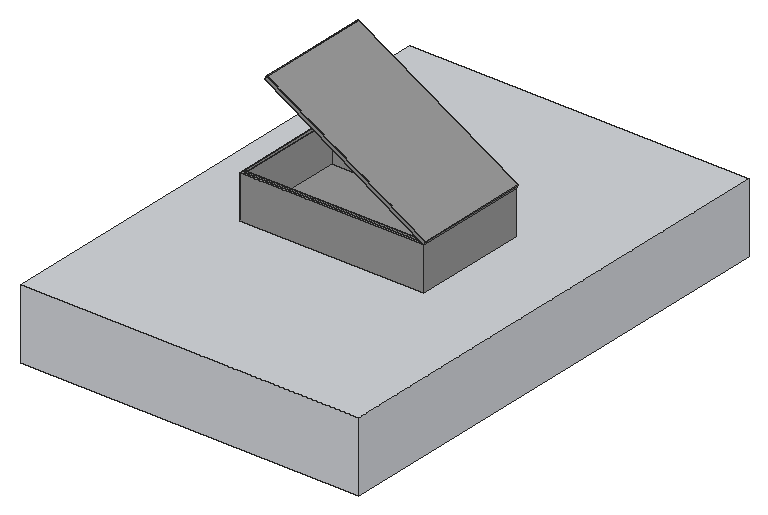
Revit family "Hager-Univers-IP54-D205-H500-Cl.II-Encl-CH-fr", category Equipement électrique, Revit 2020
Family settings
  Hôte = Face
  Configuration du panneau = Deux colonnes, circuits au sein
  Cote de connecteur circulaire = Utiliser le diamètre
  Type d'élément = Tableau de raccordement
  Couper avec des vides une fois chargée = Non
  Partagée = Non
  Point de calcul de pièce = Non
Parameters (values of type "saillie IP54 L800 H500 P205  - FP33QSW")
  Width Control [instance] = if([EF000008 - largeur] > Min Width, [EF000008 - largeur], Min Width)  # 800 mm
  Commentaires du type = [HG000003 - Gamme]  # "Univers"
  Thickness Door [instance] = if([EF009171 - épaisseur de matériau de la porte/du couvercle] > 3 mm, 3 mm, [EF009171 - épaisseur de matériau de la porte/du couvercle])  # 1 mm
  Seal Frame Offset [instance] = 17 mm  # constant formula
  Plinth Visibility [instance] = [HG000027 - Hauteur du socle] > 0 mm  # no
  Model = ""
  Min Width [instance] = 100 mm  # constant formula
  Min Height [instance] = 100 mm  # constant formula
  Min Depth [instance] = (2 * [EF009170 - épaisseur de matériau du boîtier]) + 1 mm  # 3 mm
  Internal Frame Depth [instance] = (Door System Depth * 0.5)  # 9 mm
  Height Control [instance] = if([EF000040 - hauteur] > Min Height, [EF000040 - hauteur], Min Height)  # 500 mm
  HG000027 - Hauteur du socle = 0 mm
  HG000026 - Installation au sol = no
  HG000024 - Hauteur de la section basse = 800 mm
  HG000023 - Armoire double section = no
  HG000016 - Visibilité de la porte 3D [instance] = yes
  HG000015 - Visibilité de l'emprise de la porte [instance] = no
  HG000014 - Porte à droite [instance] = yes
  HG000013 - Porte à gauche [instance] = not([HG000014 - Porte à droite])  # no
  HG000012 - Angle de pivotement de la porte [instance] = 30.00°
  HG000010 - Portes asymétriques = no
  HG000009 - Porte à double battant = no
  HG000006 - Encastré = no
  HG000004 - Référence fabricant = "FP33QSW"
  HG000003 - Gamme = "Univers"
  HG000002 - avec porte = yes
  Frame Offset Bottom [instance] = 10 mm  # constant formula
  Frame Offset [instance] = 15 mm  # constant formula
  EF015940 - couvercle avec décharge de pression = no
  EF011959 - degré de protection (NEMA) = ""
  EF009554 - nombre d'ouvertures pour plaques à bride = 6
  Fabricant = "Hager"  # constant formula
  EF009212 - finition du couvercle = "EV000116 - fermé"
  EF009171 - épaisseur de matériau de la porte/du couvercle = 1 mm
  EF009170 - épaisseur de matériau du boîtier = 1 mm
  EF008873 - courant nominal (In) = 250 A
  EF007800 - adapté à un parafoudre = no
  EF006306 - avec serrure = no
  EF006244 - couvercle/porte transparent(e) = no
  EF005474 - indice de protection (IP) = "EV006419 - IP54"
  EF004464 - type de porte = "EV002646 - unique"
  EF004427 - nombre de modules = 108
  EF004293 - indice de protection contre les chocs (IK) = "EV006815 - IK09"
  EF003532 - convient pour utilisation à l’extérieur = no
  EF002950 - largeur en nombre de modules = 36
  EF001613 - maintien de fonction = "EV000494 - sans"
  EF001596 - matériau du boîtier/corps = "EV000179 - acier"
  EF001131 - profondeur intérieure = 130 mm
  EF001088 - possibilité de montage en saillie = yes
  EF000437 - nombre d'entrées de conduit = 6
  EF000339 - type de capot = "EV001012 - couvercle"
  EF000266 - nombre de rangées = 3
  EF000218 - profondeur d'encastrement = 0 mm
  EF000118 - avec cadre/support de montage = no
  EF000116 - numéro RAL = "9010"
  EF000049 - profondeur = 205 mm
  EF000040 - hauteur = 500 mm
  EF000008 - largeur = 800 mm
  EF000007 - couleur = "EV000202 - blanc"
  EF000003 - mode de pose = "EV000384 - saillie"
  Door System Leaf Tolerance [instance] = 1.5 mm  # constant formula
  Door System Depth [instance] = 18 mm  # constant formula
  Door Height [instance] = Height Control - [HG000027 - Hauteur du socle]  # 500 mm
  Depth Control [instance] = if([EF000049 - profondeur] > Min Depth, [EF000049 - profondeur], Min Depth)  # 205 mm
  Default Elevation = 0 mm
  Connector Offset [instance] = Height Control / 2  # 250 mm
  Bottom Top Plate Trim [instance] = 1.5 mm  # constant formula
  Plinth height Ctrl [instance] = if([HG000027 - Hauteur du socle] > 0 mm, [HG000027 - Hauteur du socle], 12 mm)  # 12 mm
Types (3, lengths in mm): name | Width Control | HG000004 - Référence fabricant | EF009554 - nombre d'ouvertures pour plaques à bride | EF004427 - nombre de modules | EF002950 - largeur en nombre de modules | EF000437 - nombre d'entrées de conduit | EF000008 - largeur
  saillie IP54 L300 H500 P205  - FP31QSW | 300 | "FP31QSW" | 2 | 36 | 12 | 2 | 300
  saillie IP54 L550 H500 P205  - FP32QSW | 550 | "FP32QSW" | 4 | 72 | 24 | 4 | 550
  saillie IP54 L800 H500 P205  - FP33QSW | 800 | "FP33QSW" | 6 | 108 | 36 | 6 | 800
Reference planes
  plane 1 "Center (Front/Back)": y = 0
  plane 2: z = 0
  plane 3 "Center (Left/Right)": x = 0
  plane 4: z = 205
  plane 5: y = 1
  plane 6: y = 250
  plane 7: y = 0
  plane 8: y = 500
  plane 9: z = 0
  plane 10: x = -385
  plane 11: x = 385
  plane 12: x = 384
  plane 13: x = -384
  plane 14: y = 499
  plane 15: x = -383
  plane 16: x = -400
  plane 17: x = 383
  plane 18: x = 400
  plane 19: x = 399
  plane 20: x = -399
  plane 21: y = 11
  plane 22: y = 500
  plane 23: y = 484
  plane 24: z = 187
  plane 25: z = 1
  plane 26: z = 186
  plane 27: z = 204
Forms (mm)
  Extrusion 1, solid
    sketch origin (0, 0, 0) x (1, 0, 0) y (0, 1, 0)
      loop
        line (-702.964, 1305) -> (-702.964, -811.445) -> (766.763, -811.445) -> (766.763, 1305) -> (-702.964, 1305)
    from 0 to -304.8
  Extrusion 2, solid, material "Hager_Steel_RAL7035_Light_Grey", visible <- "Plinth Visibility", detail levels medium+fine
    sketch origin (0, 0, 0) x (1, 0, 0) y (0, 1, 0)
      loop
        line (-400, 0) -> (400, 0) -> (400, 12) -> (-400, 12) -> (-400, 0)
    from 0 to 187
  Extrusion 3, solid, material "Hager_Steel_RAL7035_Light_Grey", detail levels medium+fine
    sketch origin (0, 0, 0) x (1, 0, 0) y (0, 1, 0)
      loop
        line (-400, 0) -> (400, 0) -> (400, 500) -> (-400, 500) -> (-400, 0)
    from 0 to 187
  Extrusion 4, void
    sketch origin (0, 0, 0) x (1, 0, 0) y (0, 1, 0)
      loop
        line (-399, 1) -> (399, 1) -> (399, 499) -> (-399, 499) -> (-399, 1)
    from 1 to 186
  Extrusion 5, void
    sketch origin (-381.607, -4572, 187) x (0, -1, 0) y (-1, 0, 0)
      loop
        line (-4583, 2.393) -> (-5056, 2.393) -> (-5056, -765.607) -> (-4583, -765.607) -> (-4583, 2.393)
    from 0 to 1 <- "EF009170 - épaisseur de matériau du boîtier"
  Extrusion 6, solid, material "Hager_Steel_RAL7035_Light_Grey", detail levels fine
    sketch origin (0, 0, 187) x (1, 0, 0) y (0, 1, 0)
      loop
        line (-384, 484) -> (-384, 11) -> (384, 11) -> (384, 484) -> (-384, 484)
      loop
        line (-385, 10) -> (385, 10) -> (385, 485) -> (-385, 485) -> (-385, 10)
    from 0 to 9 <- "Internal Frame Depth"
  Extrusion 7, solid, material "Hager_Steel_RAL7035_Light_Grey", detail levels coarse
    sketch origin (0, 0, 0) x (1, 0, 0) y (0, 1, 0)
      loop
        line (-400, 0) -> (400, 0) -> (400, 500) -> (-400, 500) -> (-400, 0)
    from 0 to 205
  Sweep 8, void
    path in 3D
      loop
        line (-400, 12, 0) -> (400, 12, 0) -> (400, 12, 187) -> (-400, 12, 187) -> (-400, 12, 0)
    profile origin (-400, 12, 93.5) x (-1, 0, 0) y (0, -1, 0)
      loop
        line (0, 0) -> (0, 1.5) -> (-1.5, 1.5)
        arc (-1.5, 1.5) -> (-1.061, 0.439) -> (0, 0) r 1.5
Cuts and joins
  Extrusion 4, Extrusion 5 cuts Extrusion 3
  Sweep 8 cuts Extrusion 2
Lines and regions (mm)
  Masking region 1
    outline origin (0, 0, 0) x (1, 0, 0) y (0, 0, 1)
      loop
        line (-400, 205) -> (-400, 0) -> (400, 0) -> (400, 205) -> (-400, 205)
  Masking region 2, detail levels medium+fine
    outline origin (0, 140, 0) x (0, 1, 0) y (0, 0, 1)
      loop
        line (-140, 0) -> (360, 0) -> (360, 187) -> (-140, 187) -> (-140, 0)
  Masking region 3, not visible, detail levels medium+fine
    outline origin (0, 297.922, 0) x (0, 1, 0) y (0, 0, 1)
      loop
        line (-36.422, 0) -> (3.578, 0) -> (3.578, 194)
        arc (3.578, 194) -> (0.649, 201.071) -> (-6.422, 204) r 10
        line (-6.422, 204) -> (-36.422, 204) -> (-36.422, 0)
  Masking region 4, detail levels coarse
    outline origin (0, 0, 180) x (0, 1, 0) y (0, 0, 1)
      loop
        line (0, -180) -> (500, -180) -> (500, 25) -> (0, 25) -> (0, -180)
  Masking region 5, visible <- "Plinth Visibility", detail levels medium+fine
    outline origin (0, 52.24, 12.345) x (0, 0, -1) y (0, 1, 0)
      loop
        line (10.845, -40.24) -> (-173.155, -40.24)
        arc (-173.155, -40.24) -> (-173.594, -41.301) -> (-174.655, -41.74) r 1.5
        line (-174.655, -41.74) -> (-174.655, -52.24) -> (12.345, -52.24) -> (12.345, -41.74)
        arc (12.345, -41.74) -> (11.285, -41.301) -> (10.845, -40.24) r 1.5
  Masking region 6, detail levels medium+fine
    outline origin (-381.607, -4572, 187) x (-1, 0, 0) y (0, -1, 0)
      loop
        line (18.393, -5072) -> (18.393, -4572) -> (-781.607, -4572) -> (-781.607, -5072) -> (18.393, -5072)
  Masking region 7, visible <- "Plinth Visibility", detail levels medium+fine
    outline origin (-381.607, -4727, 187) x (-1, 0, 0) y (0, -1, 0)
      loop
        arc (16.893, -4739) -> (17.332, -4737.939) -> (18.393, -4737.5) r 1.5
        line (18.393, -4737.5) -> (18.393, -4727) -> (-781.607, -4727) -> (-781.607, -4737.5)
        arc (-781.607, -4737.5) -> (-780.546, -4737.939) -> (-780.107, -4739) r 1.5
        line (-780.107, -4739) -> (16.893, -4739)
  Masking region 8, detail levels coarse
    outline origin (-442.548, -4669.526, 187) x (-1, 0, 0) y (0, -1, 0)
      loop
        line (-42.548, -5169.526) -> (-42.548, -4669.526) -> (-842.548, -4669.526) -> (-842.548, -5169.526) -> (-42.548, -5169.526)
  sketch lines
    curve 1: line (-400, 12, 187) -> (-400, 12, 0)
    curve 2: line (400, 12, 187) -> (-400, 12, 187)
    curve 3: line (400, 12, 187) -> (400, 12, 0)
    curve 4: line (-400, 12, 0) -> (400, 12, 0)
Dimensions and locks
  "Depth Control": plane 4 to Extrusion 1
  "HG000027 - Hauteur du socle": plane 1 "Center (Front/Back)" to plane 7
  "EF009170 - épaisseur de matériau du boîtier": plane 5 to plane 7
  locked: connector elem to plane 3 "Center (Left/Right)"
  equal spacing: plane 8, plane 6, plane 7
  locked: connector elem to plane 6
  "EF009170 - épaisseur de matériau du boîtier": plane 8 to plane 14
  "EF009170 - épaisseur de matériau du boîtier": plane 10 to plane 13
  "EF009170 - épaisseur de matériau du boîtier": plane 12 to plane 11
  "Frame Offset": plane 20 to plane 13
  "Frame Offset": plane 12 to plane 19
  "EF009170 - épaisseur de matériau du boîtier": plane 16 to plane 20
  "EF009170 - épaisseur de matériau du boîtier": plane 19 to plane 18
  "Seal Frame Offset": plane 16 to plane 15
  "Seal Frame Offset": plane 17 to plane 18
  "Frame Offset Bottom": plane 21 to plane 5
  "Frame Offset": plane 14 to plane 23
  equal spacing: plane 16, plane 3 "Center (Left/Right)", plane 18
  "Width Control": plane 16 to plane 18
  "EF009170 - épaisseur de matériau du boîtier": plane 4 to plane 27
  "EF009170 - épaisseur de matériau du boîtier": plane 24 to plane 26
  "EF009170 - épaisseur de matériau du boîtier": plane 25 to level
  "Door System Depth": plane 4 to plane 24
  "Height Control": plane 1 "Center (Front/Back)" to Extrusion 7 sketch curve
  "Height Control": Masking region 4 sketch curve to plane 1 "Center (Front/Back)"
  "Height Control": plane 1 "Center (Front/Back)" to plane 22
  "Bottom Top Plate Trim": profile plane to Sweep 8 sketch curve
  "Bottom Top Plate Trim": Sweep 8 sketch curve to profile plane
  "Plinth height Ctrl": plane 1 "Center (Front/Back)" to Extrusion 2 sketch curve
  "Plinth height Ctrl": Masking region 5 sketch curve to plane 1 "Center (Front/Back)"
  "Plinth height Ctrl": plane 1 "Center (Front/Back)" to Masking region 7 sketch curve
  "Thickness Door": Extrusion 6 sketch curve to Extrusion 6 sketch curve  (x3)
  "Thickness Door": cut or joined group of Extrusion 3, Extrusion 4, Extrusion 5 to Extrusion 6 sketch curve
  radius of Masking region 3 sketch curve = 10 mm
  "Bottom Top Plate Trim": radius of Masking region 5 sketch curve  (x2)
  "Bottom Top Plate Trim": radius of Sweep 8 sketch curve
  "Bottom Top Plate Trim": radius of Masking region 7 sketch curve  (x2)
  aligned and locked: plane 2 to Extrusion 1
  aligned and locked: level to Extrusion 1
  aligned and locked: level to Masking region 1 sketch curve
  aligned and locked: Masking region 1 sketch curve to plane 18
  aligned and locked: Masking region 1 sketch curve to plane 16
  aligned and locked: plane 7 to Masking region 2 sketch curve
  aligned and locked: level to Masking region 3 sketch curve
  aligned and locked: Masking region 3 sketch curve to plane 27
  aligned and locked: level to Masking region 2 sketch curve
  aligned and locked: plane 1 "Center (Front/Back)" to Extrusion 2 sketch curve
  aligned and locked: Extrusion 3 sketch curve to plane 7
  aligned and locked: plane 16 to Extrusion 3 sketch curve
  aligned and locked: plane 18 to Extrusion 3 sketch curve
  aligned and locked: plane 20 to Extrusion 4 sketch curve
  aligned and locked: plane 19 to Extrusion 4 sketch curve
  aligned and locked: Extrusion 4 sketch curve to plane 5
  aligned and locked: Extrusion 4 to plane 25
  aligned and locked: plane 26 to Extrusion 4
  aligned and locked: plane 24 to Extrusion 3
  aligned and locked: Extrusion 5 sketch curve to plane 21
  aligned and locked: Extrusion 5 sketch curve to plane 13
  aligned and locked: Extrusion 5 sketch curve to plane 12
  aligned and locked: plane 18 to Extrusion 7 sketch curve
  aligned and locked: plane 1 "Center (Front/Back)" to Extrusion 7 sketch curve
  aligned and locked: plane 16 to Extrusion 7 sketch curve
  aligned and locked: plane 4 to Extrusion 7
  aligned and locked: Extrusion 7 to level
  aligned and locked: level to Masking region 4 sketch curve
  aligned and locked: Masking region 4 sketch curve to plane 1 "Center (Front/Back)"
  aligned and locked: Masking region 4 sketch curve to plane 4
  aligned and locked: nested 1 to level
  aligned and locked: nested 1 to plane 16
  aligned and locked: plane 8 to Extrusion 3 sketch curve
  aligned and locked: plane 23 to Extrusion 5 sketch curve
  aligned and locked: plane 14 to Extrusion 4 sketch curve
  aligned and locked: Masking region 2 sketch curve to plane 8
  aligned and locked: level to Masking region 5 sketch curve
  aligned and locked: plane 16 to Extrusion 2 sketch curve
  aligned and locked: plane 18 to Extrusion 2 sketch curve
  aligned and locked: Masking region 5 sketch curve to plane 24
  aligned and locked: Masking region 2 sketch curve to plane 24
  aligned and locked: plane 24 to Extrusion 2
  aligned and locked: profile plane to Sweep 8 sketch curve  (x2)
  aligned and locked: Masking region 6 sketch curve to plane 18
  aligned and locked: Masking region 6 sketch curve to plane 22
  aligned and locked: Masking region 6 sketch curve to plane 16
  aligned and locked: plane 8 to plane 22
  aligned and locked: Masking region 6 sketch curve to plane 7
  aligned and locked: Masking region 7 sketch curve to plane 16
  aligned and locked: Masking region 7 sketch curve to plane 1 "Center (Front/Back)"
  aligned and locked: Masking region 7 sketch curve to plane 18
  aligned and locked: Masking region 8 sketch curve to plane 1 "Center (Front/Back)"
  aligned and locked: Masking region 8 sketch curve to plane 18
  aligned and locked: Masking region 8 sketch curve to plane 22
  aligned and locked: Masking region 8 sketch curve to plane 16
  aligned and locked: nested 2 to plane 7
  aligned and locked: plane 3 "Center (Left/Right)" to nested 2
  aligned and locked: nested 2 to plane 24
  aligned and locked: Extrusion 6 sketch curve to cut or joined group of Extrusion 3, Extrusion 4, Extrusion 5  (x4)
Automatic sketch dimensions
  Extrusion 1 sketch curve to Extrusion 1 sketch curve = 1469.727 mm
  Extrusion 1 sketch curve to Extrusion 1 sketch curve = 2116.445 mm
  Masking region 1 sketch curve to plane 4 = 0 mm
  plane 6 to Masking region 3 sketch curve = 11.5 mm
  Masking region 3 sketch curve to Masking region 3 sketch curve = 30 mm
  Masking region 5 sketch curve to plane 1 "Center (Front/Back)" = 0 mm
Nested families
  nested 1: "Hager_Enclosure_Symbol" at (-400, 0, 0) x (1, 0, 0) z (0, -1, 0), Height <- "Depth Control", Width <- "Width Control", type "Hager_Enclosure_Symbol"
    with Width_Ctrl 800 mm, Width 800 mm, Height_Ctrl 205 mm, Height 205 mm, A_Width_Int 13.453 mm, A_Width 161.438 mm, A_Height_Ctrl 179.375 mm, A_Height 179.375 mm
  nested 2: "EC000058_Univers_Door" at (0, 0, 187) x (1, 0, 0) z (0, 1, 0), Leaf_Tolerance <- "Door System Leaf Tolerance", Angle <- "HG000012 - Angle de pivotement de la porte", Door_Depth <- "Door System Depth", Door_Left <- "HG000013 - Porte à gauche", Transparent <- "EF006244 - couvercle/porte transparent(e)", Assymetrical <- "HG000010 - Portes asymétriques", Width <- "Width Control", Clearance <- "HG000015 - Visibilité de l'emprise de la porte", Double <- "HG000009 - Porte à double battant", 3d_Door <- "HG000016 - Visibilité de la porte 3D", Lock_Visibility <- "EF006306 - avec serrure", Width_Ctrl <- "Width Control", Door_Right <- "HG000014 - Porte à droite", Door <- "HG000002 - avec porte", Height <- "Door Height", Thickness <- "Thickness Door", type "EC000058_Univers_Door", detail levels medium+fine
    with min_wh 3 mm, Width_Ctrl 800 mm, Width 800 mm, Transparent no, Thickness 1 mm, Seal_Material Hager_Rubber, Lock_Visibility no, Lock_Material Hager_Plastic_RAL9005_Jet_Black, Leaf_Width 800 mm, Leaf_Tolerance_External_Sides 0 mm, Leaf_Tolerance 1.5 mm, Leaf_Offset 0 mm, Leaf_Height 497 mm, Leaf_2_Width 800 mm, Leaf_2_Offset 400 mm, Leaf_1_Width 800 mm, Leaf_1_Offset 400 mm, Height_Ctrl 500 mm, Height 500 mm, Glass_Material Hager_Glass, Double_Clearance_Ctrl no, Double no, Door_Right_Ctrl yes, Door_Right yes, Door_Material Hager_Steel_RAL7035_Light_Grey, Door_Left_Ctrl no, Door_Left no, Door_Depth 18 mm, Door yes, Clearance_Material Hager_Clearance, Clearance_Depth 800 mm, Clearance_Ctrl no, Clearance no, Assymetrical no, Angle 30.00°, 3d_Door yes
Connectors
  electrical at (0, 250, 0)
    settings: on plane 9, index 1, voltage 0 V, apparent load 0 VA, apparent load phase1 0 VA, apparent load phase2 0 VA, apparent load phase3 0 VA, power factor 1, load classification "Other", number of poles 1, system type 30, power factor state 1, is connector primary yes, connector utility no, sub classification motor no, connector description ""
Definition of nested family "EC000058_Univers_Door"
  Parameters (values of type "EC000058_Univers_Door")
    min_wh [instance] = (2 * Thickness) + 1 mm  # 11 mm
    Width_Ctrl [instance] = 400 mm
    Width [instance] = 500 mm
    Transparent [instance] = yes
    Thickness [instance] = 5 mm
    Seal_Material [instance] = none
    Lock_Visibility [instance] = yes
    Lock_Material [instance] = none
    Leaf_Width [instance] = if((Width_Ctrl - 2 * Leaf_Tolerance_External_Sides) > 0 mm, (Width_Ctrl - 2 * Leaf_Tolerance_External_Sides), min_wh)  # 400 mm
    Leaf_Tolerance_External_Sides [instance] = 0 mm  # constant formula
    Leaf_Tolerance [instance] = 1.5 mm
    Leaf_Offset [instance] = 0 mm  # constant formula
    Leaf_Height [instance] = if((Height_Ctrl - 2 * Leaf_Tolerance) > 0 mm, (Height_Ctrl - 2 * Leaf_Tolerance), min_wh)  # 497 mm
    Leaf_2_Width [instance] = if(and(and(Double, Assymetrical), Door_Left), (Leaf_Width / 3) - (Leaf_Tolerance / 2), if(and(and(Double, Assymetrical), Door_Right), (Leaf_Width / 3) * 2 - (Leaf_Tolerance / 2), if(and(Double, not(Assymetrical)), (Leaf_Width / 2) - Leaf_Tolerance, Leaf_Width)))  # 400 mm
    Leaf_2_Offset [instance] = if(and(Double, Assymetrical), Leaf_2_Width / 2, if(and(Double, not(Assymetrical)), Leaf_Width / 4, Leaf_Width / 2))  # 200 mm
    Leaf_1_Width [instance] = if(and(and(Double, Assymetrical), Door_Right), (Leaf_Width / 3) - (Leaf_Tolerance / 2), if(and(and(Double, Assymetrical), Door_Left), (Width / 3) * 2 - (Leaf_Tolerance / 2), if(and(Double, not(Assymetrical)), (Leaf_Width / 2) - Leaf_Tolerance, Leaf_Width)))  # 400 mm
    Leaf_1_Offset [instance] = if(and(Double, Assymetrical), Leaf_1_Width / 2, if(and(Double, not(Assymetrical)), Leaf_Width / 4, Leaf_Width / 2))  # 200 mm
    Height_Ctrl [instance] = if(Height > min_wh, Height, min_wh)  # 500 mm
    Height [instance] = 500 mm
    Glass_Material [instance] = none
    Double_Clearance_Ctrl [instance] = and(Double, Clearance)  # no
    Double [instance] = no
    Door_Right_Ctrl [instance] = and(or(Door_Right, Double), Door)  # yes
    Door_Right [instance] = yes
    Door_Material [instance] = none
    Door_Left_Ctrl [instance] = and(or(Door_Left, Double), Door)  # no
    Door_Left [instance] = no
    Door_Depth [instance] = 30 mm
    Door [instance] = yes
    Default Elevation = 1219.2 mm
    Clearance_Material [instance] = none
    Clearance_Depth [instance] = if(Leaf_1_Width > Leaf_2_Width, Leaf_1_Width, Leaf_2_Width)  # 400 mm
    Clearance_Ctrl [instance] = and(not(Double), Clearance)  # yes
    Clearance [instance] = yes
    Assymetrical [instance] = yes
    Angle [instance] = 30.00°
    3d_Door [instance] = yes
  Reference planes
    plane 1 "Center (Front/Back)": y = 0
    plane 2 "Bottom": z = 0
    plane 3 "Center (Left/Right)": x = 0
    plane 4: z = 500
    plane 5: x = -200
    plane 6: x = 200
    plane 7: z = 500
    plane 8: x = -200
    plane 9: z = 0
    plane 10: x = 200
    plane 11: y = 0
    plane 12: z = 1.5
    plane 13: x = -600
    plane 14: y = -400
    plane 15: x = 600
    plane 16: x = 0
    plane 17: x = 0
    plane 18: x = -200
    plane 19: x = 200
    plane 20: z = 498.5
  Forms (mm)
    Extrusion 1, solid, material <- "Clearance_Material", visible <- "Double_Clearance_Ctrl"
      sketch origin (1200, 0, 0) x (1, 0, 0) y (0, 0, -1)
        loop
          line (-1800, -498.5) -> (-600, -498.5) -> (-600, 0) -> (-1800, 0) -> (-1800, -498.5)
      from 0 to -400
  Dimensions and locks
    equal spacing: plane 5, plane 3 "Center (Left/Right)", plane 6
    "Width_Ctrl": plane 5 to plane 6
    "Leaf_Offset": plane 5 to plane 8
    "Leaf_Offset": plane 6 to plane 10
    "Leaf_Offset": plane 9 to level
    "Leaf_Offset": plane 4 to plane 7
    "Height_Ctrl": plane 4 to level
    "Leaf_Tolerance": plane 12 to plane 9
    locked: plane 11 to plane 1 "Center (Front/Back)"
    "Leaf_1_Offset": plane 18 to plane 16
    "Leaf_2_Offset": plane 17 to plane 19
    "Leaf_1_Width": plane 13 to plane 8
    "Leaf_2_Width": plane 10 to plane 15
    "Clearance_Depth": plane 14 to plane 1 "Center (Front/Back)"
    "Leaf_Tolerance_External_Sides": plane 8 to plane 18
    "Leaf_Tolerance_External_Sides": plane 19 to plane 10
    "Leaf_Tolerance": plane 7 to plane 20
    aligned and locked: level to plane 2 "Bottom"
    aligned and locked: nested 1 to plane 16
    aligned and locked: nested 2 to plane 17
    aligned and locked: Extrusion 1 to plane 13
    aligned and locked: plane 15 to Extrusion 1
    aligned and locked: Extrusion 1 to plane 14
    aligned and locked: plane 12 to nested 1
    aligned and locked: nested 2 to plane 12
    aligned and locked: Extrusion 1 to plane 11
    aligned and locked: plane 20 to Extrusion 1
    aligned and locked: nested 2 to plane 11
    aligned and locked: nested 1 to plane 11
  Automatic sketch dimensions
    Extrusion 1 sketch curve to level = 0 mm
    plane 5 to Extrusion 1 sketch curve = 400 mm
    plane 6 to Extrusion 1 sketch curve = 400 mm
    Extrusion 1 sketch curve to plane 4 = 1.5 mm
  Nested families
    nested 1: "EC000058_Univers_Door_Leaf" at (0, 0, 1.5), Width <- "Leaf_1_Width", visible <- "Door_Left_Ctrl", Leaf_Height <- "Leaf_Height", Angle <- "Angle", 3d_Door <- "3d_Door", Transparent <- "Transparent", Clearance Material <- "Clearance_Material", Clearance <- "Clearance_Ctrl", Door_Material <- "Door_Material", Glass_Material <- "Glass_Material", Door_Depth <- "Door_Depth", Lock_Material <- "Lock_Material", Seal_Material <- "Seal_Material", Lock_Visibility <- "Lock_Visibility", Thickness <- "Thickness", type "EC000058_Univers_Door_Leaf"
      with Width 400 mm, Transparent_Glass_Offset 30 mm, Transparent_Ctrl yes, Transparent yes, Thickness 5 mm, Standard no, Seal_Material none, Seal_D2 8 mm, Seal_D1 1 mm, Offset_Internal_Frame 10 mm, Lock_Width 20 mm, Lock_Visibility_3d yes, Lock_Visibility yes, Lock_Thickness_3 3 mm, Lock_Thickness_2 1 mm, Lock_Thickness_1 3 mm, Lock_Radius_Offset_2 16 mm, Lock_Radius_Offset_1 15 mm, Lock_Radius_2 5 mm, Lock_Radius 6 mm, Lock_Offset 5 mm, Lock_Material none, Lock_Height 80 mm, Lock_Cover_Top_Offset_2d 17 mm, Lock_Cover_Height -65 mm, Leaf_Height 497 mm, Internal_Seal_Thickness 8 mm, Internal_Seal_Depth_2 4.5 mm, Internal_Frame_Depth 25 mm, Glass_Thickness -1 mm, Glass_Offset -2 mm, Glass_Material none, Door_Material none, Door_Depth 30 mm, Clearance Material none, Clearance yes, Angle_Ctrl 30.00°, Angle 30.00°, 3d_Door yes
    nested 2: "EC000058_Univers_Door_Leaf" at (0, 0, 1.5) x (-1, 0, 0) z (0, 0, 1), Width <- "Leaf_2_Width", visible <- "Door_Right_Ctrl", Leaf_Height <- "Leaf_Height", Angle <- "Angle", 3d_Door <- "3d_Door", Transparent <- "Transparent", Clearance Material <- "Clearance_Material", Clearance <- "Clearance_Ctrl", Door_Material <- "Door_Material", Glass_Material <- "Glass_Material", Door_Depth <- "Door_Depth", Lock_Material <- "Lock_Material", Seal_Material <- "Seal_Material", Lock_Visibility <- "Lock_Visibility", Thickness <- "Thickness", type "EC000058_Univers_Door_Leaf"
      with Width 400 mm, Transparent_Glass_Offset 30 mm, Transparent_Ctrl yes, Transparent yes, Thickness 5 mm, Standard no, Seal_Material none, Seal_D2 8 mm, Seal_D1 1 mm, Offset_Internal_Frame 10 mm, Lock_Width 20 mm, Lock_Visibility_3d yes, Lock_Visibility yes, Lock_Thickness_3 3 mm, Lock_Thickness_2 1 mm, Lock_Thickness_1 3 mm, Lock_Radius_Offset_2 16 mm, Lock_Radius_Offset_1 15 mm, Lock_Radius_2 5 mm, Lock_Radius 6 mm, Lock_Offset 5 mm, Lock_Material none, Lock_Height 80 mm, Lock_Cover_Top_Offset_2d 17 mm, Lock_Cover_Height -65 mm, Leaf_Height 497 mm, Internal_Seal_Thickness 8 mm, Internal_Seal_Depth_2 4.5 mm, Internal_Frame_Depth 25 mm, Glass_Thickness -1 mm, Glass_Offset -2 mm, Glass_Material none, Door_Material none, Door_Depth 30 mm, Clearance Material none, Clearance yes, Angle_Ctrl 30.00°, Angle 30.00°, 3d_Door yes
  Definition of nested family "EC000058_Univers_Door_Leaf"
    Parameters (values of type "EC000058_Univers_Door_Leaf")
      Width [instance] = 2000 mm
      Transparent_Glass_Offset [instance] = 30 mm
      Transparent_Ctrl [instance] = and(Transparent, [3d_Door])  # yes
      Transparent [instance] = yes
      Thickness [instance] = 5 mm
      Standard [instance] = and(not(Transparent), [3d_Door])  # no
      Seal_Material [instance] = none
      Seal_D2 [instance] = 8 mm  # constant formula
      Seal_D1 [instance] = 1 mm  # constant formula
      Offset_Internal_Frame [instance] = 10 mm  # constant formula
      Lock_Width [instance] = 20 mm  # constant formula
      Lock_Visibility_3d [instance] = and(Lock_Visibility, [3d_Door])  # yes
      Lock_Visibility [instance] = yes
      Lock_Thickness_3 [instance] = 3 mm  # constant formula
      Lock_Thickness_2 [instance] = 1 mm  # constant formula
      Lock_Thickness_1 [instance] = 3 mm  # constant formula
      Lock_Radius_Offset_2 [instance] = Lock_Radius_Offset_1 + 1 mm  # 16 mm
      Lock_Radius_Offset_1 [instance] = 15 mm  # constant formula
      Lock_Radius_2 [instance] = Lock_Radius - 1 mm  # 5 mm
      Lock_Radius [instance] = 6 mm  # constant formula
      Lock_Offset [instance] = 5 mm  # constant formula
      Lock_Material [instance] = none
      Lock_Height [instance] = 80 mm  # constant formula
      Lock_Cover_Top_Offset_2d [instance] = Lock_Radius_Offset_2 + 1 mm  # 17 mm
      Lock_Cover_Height [instance] = -(Lock_Height - Lock_Radius_Offset_1)  # -65 mm
      Leaf_Height [instance] = 2720.336 mm
      Internal_Seal_Thickness [instance] = 8 mm  # constant formula
      Internal_Seal_Depth_2 [instance] = 4.5 mm  # constant formula
      Internal_Frame_Depth [instance] = if(Door_Depth - Thickness > 5 mm, Door_Depth - Thickness, 5 mm)  # 25 mm
      Glass_Thickness [instance] = if(Thickness > 15 mm, Glass_Offset + 10 mm, -1 mm)  # -1 mm
      Glass_Offset [instance] = if(Thickness > 15 mm, -(Thickness + 10 mm) / 2, -2 mm)  # -2 mm
      Glass_Material [instance] = none
      Door_Material [instance] = none
      Door_Depth [instance] = 30 mm
      Default Elevation = 0 mm
      Clearance Material [instance] = none
      Clearance [instance] = yes
      Angle_Ctrl [instance] = if(Angle > 180.00°, 180.00°, Angle)  # 90.00°
      Angle [instance] = 90.00°
      3d_Door [instance] = yes
    Reference planes
      plane 1 "Center (Front/Back)": y = 0
      plane 2: z = 0
      plane 3 "Center (Left/Right)": x = 0
      plane 4: y = 2000
      plane 5: x = -1000
      plane 6: x = 1000
      plane 7: x = -3000
      plane 8: z = 2720.336
      plane 9: z = 30
      plane 10: z = 2690.336
      plane 11: x = 970
      plane 12: x = -970
      plane 13: y = -3
      plane 14: z = 107.833
      plane 15: y = -5
      plane 16: y = -223.314
      plane 17: x = -1000
      plane 18: z = 1360.168
      plane 19: y = 30
    Forms (mm)
      Extrusion 1, solid, material <- "Clearance Material", visible <- "Clearance"
        sketch origin (0, 0, 0) x (1, 0, 0) y (0, 0, 1)
          loop
            line (-3000, 2720.336) -> (-3000, 0) -> (1000, 0) -> (1000, 2720.336) -> (-3000, 2720.336)
        from 0 to -2000
      Extrusion 2, solid, material <- "Door_Material", visible <- "Standard", detail levels medium+fine
        sketch origin (-1000, 0, 0) x (0, 1, 0) y (-1, 0, 0)
          loop
            line (0, 30) -> (0, 25) -> (2000, 25) -> (2000, 30) -> (0, 30)
        from 0 to 2720.336 <- "Leaf_Height"
      Extrusion 3, solid, material <- "Door_Material", visible <- "Transparent_Ctrl", detail levels medium+fine
        sketch origin (-1000, 0, 0) x (0, 1, 0) y (-1, 0, 0)
          loop
            line (0, 25) -> (2000, 25) -> (2000, 30) -> (0, 30) -> (0, 25)
        from 0 to 2720.336 <- "Leaf_Height"
      Extrusion 4, void
        sketch origin (-1025, 2000, 0) x (0, 1, 0) y (0, 0, -1)
          loop
            line (-30, -2690.336) -> (-30, -30) -> (-1970, -30) -> (-1970, -2690.336) -> (-30, -2690.336)
        from 0 to 5 <- "Thickness"
      Sweep 5, solid, material <- "Seal_Material", visible <- "Transparent_Ctrl", detail levels fine
        path in 3D
          loop
            line (-1025, 30, 30) -> (-1025, 30, 2690.336) -> (-1025, 1970, 2690.336) -> (-1025, 1970, 30) -> (-1025, 30, 30)
        profile origin (-1025, 1000, 30) x (1, 0, 0) y (0, 0, 1)
          loop
            line (0, 0) -> (0, -8) -> (1, -8) -> (1, 0) -> (0, 0)
      Extrusion 6, solid, material <- "Glass_Material", visible <- "Transparent_Ctrl", detail levels medium+fine
        sketch origin (-1030, 0, 0) x (0, 1, 0) y (0, 0, -1)
          loop
            line (1970, -2690.336) -> (1970, -30) -> (30, -30) -> (30, -2690.336) -> (1970, -2690.336)
        from -2 <- "Glass_Offset" to -1 <- "Glass_Thickness"
      Extrusion 7, solid, material <- "Door_Material", visible <- "3d_Door", detail levels medium+fine
        sketch origin (-1025, 2000, 0) x (0, -1, 0) y (0, 0, -1)
          loop
            line (0, -2720.336) -> (2000, -2720.336) -> (2000, 0) -> (0, 0) -> (0, -2720.336)
          loop
            line (1995, -5) -> (5, -5) -> (5, -2715.336) -> (1995, -2715.336) -> (1995, -5)
        from 0 to 25 <- "Internal_Frame_Depth"
      Sweep 8, solid, material <- "Seal_Material", visible <- "Transparent_Ctrl", detail levels fine
        path in 3D
          loop
            line (-1025, 0, 0) -> (-1025, 2000, 0) -> (-1025, 2000, 2720.336) -> (-1025, 0, 2720.336) -> (-1025, 0, 0)
        profile origin (-1025, 0, 1360.168) x (1, 0, 0) y (0, 1, 0)
          loop
            line (0, 10) -> (2.975, 10)
            arc (2.975, 10) -> (4.053, 10.447) -> (4.5, 11.525) r 1.525
            line (4.5, 11.525) -> (4.5, 16.527)
            arc (4.5, 16.527) -> (4.069, 17.569) -> (3.027, 18) r 1.473
            line (3.027, 18) -> (0, 18) -> (0, 10)
      Extrusion 9, solid, material <- "Lock_Material", visible <- "Lock_Visibility_3d", detail levels fine
        sketch origin (-1030, 0, 0) x (0, 1, 0) y (0, 0, -1)
          loop
            arc (1993.5, -1400.168) -> (1994.561, -1399.729) -> (1995, -1398.668) r 1.5
            line (1995, -1398.668) -> (1995, -1320.168) -> (1975, -1320.168) -> (1975, -1398.668)
            arc (1975, -1398.668) -> (1975.439, -1399.729) -> (1976.5, -1400.168) r 1.5
            line (1976.5, -1400.168) -> (1993.5, -1400.168)
        from 3 <- "Lock_Thickness_1" to 0
      Blend 10, solid, material <- "Lock_Material", visible <- "Lock_Visibility_3d", detail levels fine
        base sketch origin (-1033, 0, 0) x (0, 1, 0) y (0, 0, -1)
          loop
            line (1975, -1320.168) -> (1975, -1398.668)
            arc (1975, -1398.668) -> (1975.439, -1399.729) -> (1976.5, -1400.168) r 1.5
            line (1976.5, -1400.168) -> (1993.5, -1400.168)
            arc (1993.5, -1400.168) -> (1994.561, -1399.729) -> (1995, -1398.668) r 1.5
            line (1995, -1398.668) -> (1995, -1320.168) -> (1975, -1320.168)
        top sketch origin (-1033, 0, 0) x (0, 1, 0) y (0, 0, -1)
          loop
            line (1976, -1320.168) -> (1976, -1398.668)
            arc (1976, -1398.668) -> (1976.146, -1399.022) -> (1976.5, -1399.168) r 0.5
            line (1976.5, -1399.168) -> (1993.5, -1399.168)
            arc (1993.5, -1399.168) -> (1993.854, -1399.022) -> (1994, -1398.668) r 0.5
            line (1994, -1398.668) -> (1994, -1320.168) -> (1976, -1320.168)
        from 0 to 1 <- "Lock_Thickness_2"
      Blend 11, solid, material <- "Lock_Material", visible <- "Lock_Visibility_3d", detail levels fine
        base sketch origin (-1034, 0, 0) x (0, 1, 0) y (0, 0, -1)
          loop
            line (1978, -1320.168) -> (1978, -1384.168)
            arc (1978, -1384.168) -> (1985, -1391.168) -> (1992, -1384.168) r 7
            line (1992, -1384.168) -> (1992, -1320.168) -> (1978, -1320.168)
        top sketch origin (-1034, 0, 0) x (0, 1, 0) y (0, 0, -1)
          loop
            line (1991, -1320.168) -> (1979, -1320.168) -> (1979, -1383.168)
            arc (1979, -1383.168) -> (1985, -1389.168) -> (1991, -1383.168) r 6
            line (1991, -1383.168) -> (1991, -1320.168)
        from 0 to 3 <- "Lock_Thickness_3"
      Extrusion 12, solid, material <- "Lock_Material", visible <- "Lock_Visibility_3d", detail levels fine
        sketch origin (-1030, 1975, 1320.168) x (1, 0, 0) y (0, -1, 0)
          loop
            line (-7, -19) -> (-7, -1) -> (0, -1) -> (0, 0) -> (-8, 0) -> (-8, -20) -> (0, -20) -> (0, -19) -> (-7, -19)
        from 0 to -65 <- "Lock_Cover_Height"
      Extrusion 13, void
        sketch origin (-1038, 1995, 1320.168) x (-1, 0, 0) y (0, 0, -1)
          loop
            line (-5, -65) -> (0, -65) -> (-5, -60) -> (-5, -65)
        from 0 to 20 <- "Lock_Width"
      Extrusion 14, void
        sketch origin (-1038, 1975, 1320.168) x (0, -1, 0) y (0, 0, -1)
          loop
            circle (-10, -15.995) r 6
          loop
            circle (-10, -15.995) r 5
        from 0 to 2
      Extrusion 15, solid, material <- "Lock_Material", visible <- "Lock_Visibility_3d", detail levels medium
        sketch origin (-1030, 0, 0) x (0, 1, 0) y (0, 0, -1)
          loop
            arc (1993.5, -1400.168) -> (1994.561, -1399.729) -> (1995, -1398.668) r 1.5
            line (1995, -1398.668) -> (1995, -1320.168) -> (1975, -1320.168) -> (1975, -1398.668)
            arc (1975, -1398.668) -> (1975.439, -1399.729) -> (1976.5, -1400.168) r 1.5
            line (1976.5, -1400.168) -> (1993.5, -1400.168)
        from 8 to 0
    Cuts and joins
      Extrusion 4 cuts Extrusion 3
      Extrusion 13, Extrusion 14 cuts Extrusion 9
      Extrusion 14 cuts Blend 11
      Extrusion 13, Extrusion 14 cuts Extrusion 12
      joined: Extrusion 9, Blend 10, Blend 11, Extrusion 12
      Extrusion 14 cuts Extrusion 15
    Lines and regions (mm)
      Masking region 1, visible <- "Lock_Visibility", detail levels fine
        outline origin (0, 0, 0) x (0, 1, 0) y (0, 0, 1)
          loop
            line (30, 1320.168) -> (33, 1320.168) -> (33, 1400.168) -> (30, 1400.168) -> (30, 1320.168)
      Masking region 2, visible <- "Lock_Visibility", detail levels fine
        outline origin (0, 3.143, 0) x (0, 1, 0) y (0, 0, 1)
          loop
            line (29.857, 1354.168) -> (30.857, 1354.168) -> (30.857, 1366.168) -> (29.857, 1366.168) -> (29.857, 1354.168)
      Masking region 3, detail levels medium+fine
        outline origin (0, 0, 0) x (0, 1, 0) y (0, 0, 1)
          loop
            line (0, 0) -> (30, 0) -> (30, 2720.336) -> (0, 2720.336) -> (0, 0)
      Masking region 4, detail levels medium+fine
        outline origin (0, 0, 0) x (1, 0, 0) y (0, 0, 1)
          loop
            line (-1000, 2720.336) -> (-1000, 0) -> (1000, 0) -> (1000, 2720.336) -> (-1000, 2720.336)
      Masking region 5, visible <- "Lock_Visibility", detail levels fine
        outline origin (-47.116, 0, 0) x (1, 0, 0) y (0, 0, 1)
          loop
            arc (1024.616, 1399.168) -> (1023.556, 1398.729) -> (1023.116, 1397.668) r 1.5
            line (1023.116, 1397.668) -> (1023.116, 1320.168) -> (1041.116, 1320.168) -> (1041.116, 1397.668)
            arc (1041.116, 1397.668) -> (1040.677, 1398.729) -> (1039.616, 1399.168) r 1.5
            line (1039.616, 1399.168) -> (1024.616, 1399.168)
      Masking region 6, visible <- "Lock_Visibility", detail levels medium+fine
        outline origin (-25, 0, 0) x (1, 0, 0) y (0, 0, 1)
          loop
            arc (1001.5, 1400.168) -> (1000.439, 1399.729) -> (1000, 1398.668) r 1.5
            line (1000, 1398.668) -> (1000, 1320.168) -> (1020, 1320.168) -> (1020, 1398.668)
            arc (1020, 1398.668) -> (1019.561, 1399.729) -> (1018.5, 1400.168) r 1.5
            line (1018.5, 1400.168) -> (1001.5, 1400.168)
      Masking region 7, visible <- "Lock_Visibility", detail levels fine
        outline origin (-73.735, 0, 0) x (1, 0, 0) y (0, 0, 1)
          loop
            line (1051.735, 1382.168) -> (1065.735, 1382.168) -> (1065.735, 1384.168)
            arc (1065.735, 1384.168) -> (1058.735, 1391.168) -> (1051.735, 1384.168) r 7
            line (1051.735, 1384.168) -> (1051.735, 1382.168)
      Masking region 8, visible <- "Lock_Visibility", detail levels fine
        outline origin (-73.735, 0, 0) x (1, 0, 0) y (0, 0, 1)
          loop
            line (1052.735, 1382.168) -> (1064.735, 1382.168) -> (1064.735, 1383.168)
            arc (1064.735, 1383.168) -> (1058.735, 1389.168) -> (1052.735, 1383.168) r 6
            line (1052.735, 1383.168) -> (1052.735, 1382.168)
      Masking region 9, visible <- "Lock_Visibility", detail levels fine
        outline origin (-25, 0, 0) x (1, 0, 0) y (0, 0, 1)
          loop
            line (1020, 1320.168) -> (1020, 1382.168) -> (1000, 1382.168) -> (1000, 1320.168) -> (1020, 1320.168)
      Masking region 10, detail levels medium+fine
        outline origin (0, 0, 0) x (1, 0, 0) y (0, 0, 1)
          loop
            circle (985, 1335.144) r 6
      Masking region 11, detail levels fine
        outline origin (0, 0, 0) x (1, 0, 0) y (0, 0, 1)
          loop
            circle (985, 1335.144) r 5
      Masking region 12, visible <- "Lock_Visibility", detail levels fine
        outline origin (0, 12.767, 0) x (0, 1, 0) y (0, 0, 1)
          loop
            line (20.233, 1320.168) -> (21.233, 1320.168) -> (21.233, 1399.168) -> (20.233, 1400.168) -> (20.233, 1320.168)
      Masking region 13, visible <- "Lock_Visibility", detail levels fine
        outline origin (0, 13.767, -10) x (0, 1, 0) y (0, 0, 1)
          loop
            line (20.233, 1330.168) -> (23.233, 1330.168) -> (23.233, 1399.168) -> (20.233, 1402.168) -> (20.233, 1330.168)
      Masking region 14, visible <- "Lock_Visibility", detail levels fine
        outline origin (0, 12.767, -10) x (0, 1, 0) y (0, 0, 1)
          loop
            line (20.233, 1330.168) -> (25.233, 1330.168) -> (25.233, 1399.305) -> (20.233, 1394.305) -> (20.233, 1330.168)
      Masking region 15, visible <- "Lock_Visibility", detail levels medium
        outline origin (0, 0, 0) x (0, 1, 0) y (0, 0, 1)
          loop
            line (30, 1320.168) -> (38, 1320.168) -> (38, 1400.168) -> (30, 1400.168) -> (30, 1320.168)
      Masking region 16, visible <- "Lock_Visibility", detail levels fine
        outline origin (-1000, 0, 0) x (0, 1, 0) y (-1, 0, 0)
          loop
            line (1975, 30) -> (1995, 30) -> (1995, 38) -> (1975, 38) -> (1975, 30)
          loop
            line (1979, 37) -> (1976, 37) -> (1976, 34) -> (1978, 34) -> (1979, 37)
          loop
            line (1994, 37) -> (1991, 37) -> (1992, 34) -> (1994, 34) -> (1994, 37)
      Masking region 17, visible <- "Lock_Visibility", detail levels medium
        outline origin (-1000, 0, 0) x (0, 1, 0) y (-1, 0, 0)
          loop
            line (1975, 30) -> (1995, 30) -> (1995, 38) -> (1975, 38) -> (1975, 30)
      symbolic lines
        curve 1: line (1000, 0, 0) -> (-3000, 0, 0)
        curve 2: arc (1000, 0, 0) -> (-1000, 2000, 0) -> (-3000, 0, 0) r 2000
        curve 4: line (-1030, 0, 0) -> (-1030, 2000, 0)
      reference lines
        curve 3: line (-1000, 0, 0) -> (-1000, 2000, 0)
      symbolic lines, detail levels medium+fine
        curve 5: line (-1030, 2000, 0) -> (-1025, 2000, 0)
        curve 7: line (-1025, 0, 0) -> (-1030, 0, 0)
        curve 8: line (-1025, 0, 0) -> (-1000, 0, 0)
        curve 9: line (-1000, 0, 0) -> (-1000, 2000, 0)
        curve 10: line (-1000, 2000, 0) -> (-1025, 2000, 0)
      symbolic lines, detail levels fine
        curve 6: line (-1025, 2000, 0) -> (-1025, 0, 0)
      sketch lines
        curve 11: line (-1025, 0, 2720.336) -> (-1025, 0, 0)
        curve 12: line (-1025, 2000, 0) -> (-1025, 0, 0)
        curve 13: line (-1025, 2000, 2720.336) -> (-1025, 2000, 0)
        curve 14: line (-1025, 0, 2720.336) -> (-1025, 2000, 2720.336)
        curve 15: line (-1025, 1970, 30) -> (-1025, 30, 30)
        curve 16: line (-1025, 30, 30) -> (-1025, 30, 2690.336)
        curve 17: line (-1025, 1970, 2690.336) -> (-1025, 1970, 30)
        curve 18: line (-1025, 30, 2690.336) -> (-1025, 1970, 2690.336)
      symbolic lines, visible <- "Transparent", detail levels medium+fine
        curve 19: line (-970, 0, 2690.336) -> (970, 0, 2690.336)
        curve 20: line (-970, 0, 30) -> (-970, 0, 2690.336)
        curve 21: line (970, 0, 30) -> (-970, 0, 30)
        curve 22: line (970, 0, 2690.336) -> (970, 0, 30)
    Dimensions and locks
      "Width": plane 1 "Center (Front/Back)" to plane 4
      equal spacing: plane 5, plane 3 "Center (Left/Right)", plane 6
      "Width": plane 5 to plane 6
      "Width": plane 7 to plane 5
      "Leaf_Height": plane 8 to level
      "Width": curve 5 to curve 3
      "Width": curve 3 to curve 3
      plane 8 to plane 10 = 30 mm
      plane 9 to level = 30 mm
      plane 12 to plane 5 = 30 mm
      plane 6 to plane 11 = 30 mm
      Extrusion 1 to Extrusion 4 sketch curve = 30 mm
      "Transparent_Glass_Offset": curve 3 to Extrusion 4 sketch curve
      "Transparent_Glass_Offset": Extrusion 4 sketch curve to cut or joined group of Extrusion 3, Extrusion 4  (x2)
      cut or joined group of Extrusion 3, Extrusion 4 to Extrusion 6 sketch curve = 30 mm
      "Transparent_Glass_Offset": cut or joined group of Extrusion 3, Extrusion 4 to Extrusion 4 sketch curve
      "Thickness": curve 6 to curve 4
      "Thickness": Extrusion 7 sketch curve to Extrusion 7 sketch curve  (x4)
      "Door_Depth": curve 4 to curve 3
      "Offset_Internal_Frame": profile plane to Sweep 8 sketch curve
      "Internal_Seal_Thickness": Sweep 8 sketch curve to Sweep 8 sketch curve
      "Internal_Seal_Depth_2": profile plane to Sweep 8 sketch curve
      "Seal_D1": profile plane to Sweep 5 sketch curve
      "Seal_D2": profile plane to Sweep 5 sketch curve
      "Thickness": Extrusion 2 sketch curve to Extrusion 2 sketch curve
      equal spacing: Extrusion 9 sketch curve, plane 18, Extrusion 9 sketch curve  (x2)
      equal spacing: Masking region 1 sketch curve, plane 18, Masking region 1 sketch curve
      "Lock_Height": Masking region 1 sketch curve to Masking region 1 sketch curve
      "Lock_Radius": Masking region 2 sketch curve to plane 18 to Masking region 2 sketch curve
      Masking region 2 sketch curve to Masking region 1 = 1 mm
      "Door_Depth": plane 19 to plane 1 "Center (Front/Back)"
      "Lock_Thickness_1": Masking region 1 sketch curve to plane 19
      "Lock_Width": Extrusion 9 sketch curve to Extrusion 9 sketch curve
      "Lock_Height": Extrusion 9 sketch curve to Extrusion 9 sketch curve
      "Lock_Offset": cut or joined group of Extrusion 3, Extrusion 4 to Extrusion 9 sketch curve
      equal spacing: plane 8, plane 18, level
      "Lock_Radius_Offset_1": Blend 11 sketch curve to Blend 10
      locked: Blend 10 to Blend 11 sketch curve at 2  (x2)
      locked: var sketch to Blend 11 sketch curve at 1  (x2)
      "Lock_Radius_Offset_2": Blend 11 sketch curve to Blend 10
      locked: Extrusion 12 sketch curve to Extrusion 12 sketch curve at 1  (x3)
      Masking region 6 sketch curve to Masking region 6 sketch curve = 80 mm
      "Lock_Height": Masking region 6 sketch curve to Masking region 6 sketch curve
      "Lock_Width": Masking region 6 sketch curve to Masking region 6 sketch curve
      locked: Masking region 6 to Masking region 5 sketch curve at 1  (x3)
      locked: Masking region 5 to Masking region 7 sketch curve at 2  (x2)
      "Lock_Radius_Offset_1": Masking region 5 to Masking region 7 sketch curve
      "Lock_Radius_Offset_2": Masking region 5 to Masking region 8 sketch curve
      locked: Masking region 7 to Masking region 8 sketch curve at 1  (x2)
      "Lock_Cover_Top_Offset_2d": Masking region 5 to Masking region 9 sketch curve
      equal spacing: Masking region 9, Masking region 10 sketch curve, Masking region 9
      equal spacing: Masking region 9, Masking region 11 sketch curve, Masking region 9
      Extrusion 15 sketch curve to Extrusion 15 sketch curve = 80 mm
      "Lock_Width": Extrusion 15 sketch curve to Extrusion 15 sketch curve
      "Lock_Height": Extrusion 15 sketch curve to Extrusion 15 sketch curve
      equal spacing: Extrusion 15 sketch curve, plane 18, Extrusion 15 sketch curve
      "Lock_Thickness_3": Masking region 13 sketch curve to Masking region 13 sketch curve
      "Lock_Height": Masking region 12 sketch curve to Masking region 12 sketch curve
      locked: Masking region 13 sketch curve to Masking region 1 at 8
      locked: Masking region 14 sketch curve to Masking region 13 at 1
      locked: Masking region 14 sketch curve to Masking region 1 at 10.863
      "Lock_Height": Masking region 15 sketch curve to Masking region 15 sketch curve
      "Lock_Offset": Extrusion 15 sketch curve to cut or joined group of Extrusion 3, Extrusion 4
      "Lock_Offset": plane 6 to Masking region 6 sketch curve
      radius of Sweep 8 sketch curve = 1.525 mm
      radius of Sweep 8 sketch curve = 1.473 mm
      radius of Extrusion 9 sketch curve = 1.5 mm  (x2)
      "Lock_Radius": radius of Extrusion 14 sketch curve
      "Lock_Radius_2": radius of Extrusion 14 sketch curve
      "Lock_Radius": radius of Masking region 10 sketch curve
      "Lock_Radius_2": radius of Masking region 11 sketch curve
      radius of Extrusion 15 sketch curve = 1.5 mm  (x2)
      "Angle_Ctrl": angle plane 1 "Center (Front/Back)" to curve 3
      locked: Masking region 12 sketch curve to Masking region 12 sketch curve (angle 45.00°)
      locked: Masking region 13 sketch curve to Masking region 13 sketch curve (angle 45.00°)
      locked: Masking region 14 sketch curve to Masking region 14 sketch curve (angle 45.00°)
      aligned and locked: level to plane 2
      aligned and locked: Extrusion 1 to curve 1
      aligned and locked: plane 6 to Extrusion 1
      aligned and locked: Extrusion 1 to plane 1 "Center (Front/Back)"
      aligned and locked: plane 4 to Extrusion 1
      aligned and locked: plane 8 to Extrusion 1
      aligned and locked: curve 7 to Extrusion 2 sketch curve
      aligned and locked: curve 5 to Extrusion 2 sketch curve
      aligned and locked: curve 7 to Extrusion 3 sketch curve
      aligned and locked: Extrusion 3 sketch curve to curve 4
      aligned and locked: Extrusion 3 sketch curve to curve 6
      aligned and locked: Extrusion 3 sketch curve to curve 5
      aligned and locked: curve 9 to curve 3
      aligned and locked: Extrusion 7 sketch curve to cut or joined group of Extrusion 3, Extrusion 4  (x4)
      aligned and locked: plane 17 to curve 3
      aligned and locked: plane 1 "Center (Front/Back)" to curve 3
      aligned and locked: plane 17 to plane 5
      aligned and locked: Sweep 8 sketch curve to profile plane
      aligned and locked: Sweep 5 sketch curve to profile plane  (x2)
      aligned and locked: Masking region 1 to Masking region 2 sketch curve
      aligned and locked: plane 19 to Masking region 1 sketch curve
      aligned and locked: plane 1 "Center (Front/Back)" to Masking region 3 sketch curve
      aligned and locked: plane 19 to Masking region 3 sketch curve
      aligned and locked: level to Masking region 3 sketch curve
      aligned and locked: Masking region 3 sketch curve to plane 8
      aligned and locked: plane 17 to Masking region 4 sketch curve
      aligned and locked: level to Masking region 4 sketch curve
      aligned and locked: Masking region 4 sketch curve to plane 8
      aligned and locked: plane 12 to curve 20
      aligned and locked: plane 10 to curve 19
      aligned and locked: plane 11 to curve 22
      aligned and locked: curve 21 to plane 9
      aligned and locked: Extrusion 2 sketch curve to cut or joined group of Extrusion 3, Extrusion 4
      aligned and locked: Blend 10 sketch curve to Extrusion 9  (x4)
      aligned and locked: Extrusion 9 to Blend 10 sketch curve
      aligned and locked: Blend 10 to Blend 11 sketch curve
      aligned and locked: Extrusion 12 sketch curve to Blend 11
      aligned and locked: Extrusion 12 sketch curve to Extrusion 9  (x4)
      aligned and locked: Masking region 5 sketch curve to Masking region 6
      aligned and locked: Masking region 9 sketch curve to Masking region 6  (x3)
      aligned and locked: Masking region 12 sketch curve to Masking region 1
      aligned and locked: Masking region 13 sketch curve to Masking region 1
      aligned and locked: Masking region 12 to Masking region 14
      aligned and locked: Masking region 14 sketch curve to Masking region 1
      aligned and locked: Masking region 15 sketch curve to Masking region 14
      aligned and locked: Masking region 13 sketch curve to Masking region 12
      aligned and locked: Masking region 16 sketch curve to cut or joined group of Extrusion 14, Extrusion 15  (x4)
      aligned and locked: Masking region 16 sketch curve to cut or joined group of Extrusion 9, Blend 10, Blend 11, Extrusion 12, Extrusion 13, Extrusion 14  (x6)
      aligned and locked: cut or joined group of Extrusion 9, Blend 10, Blend 11, Extrusion 12, Extrusion 13, Extrusion 14 to Masking region 16 sketch curve
      aligned and locked: Masking region 17 sketch curve to cut or joined group of Extrusion 14, Extrusion 15  (x3)
      aligned and locked: Masking region 17 sketch curve to cut or joined group of Extrusion 9, Blend 10, Blend 11, Extrusion 12, Extrusion 13, Extrusion 14
      aligned and locked: Masking region 9 to Masking region 8 sketch curve
      aligned and locked: Masking region 9 to Masking region 7 sketch curve
    Automatic sketch dimensions
      plane 1 "Center (Front/Back)" to curve 2 = 0 mm
      curve 2 to plane 5 = 0 mm
      Extrusion 1 sketch curve to level = 0 mm
      Extrusion 1 sketch curve to plane 7 = 0 mm
      Extrusion 1 sketch curve to plane 6 = 0 mm
      Extrusion 1 sketch curve to plane 8 = 0 mm
      Extrusion 3 to Extrusion 6 sketch curve = 30 mm  (x4)
      Masking region 4 sketch curve to plane 6 = 0 mm
      Blend 10 sketch curve to Extrusion 9 = 1.5 mm
      Blend 10 sketch curve to Extrusion 9 = 1 mm
      Extrusion 13 sketch curve to Extrusion 12 = 0 mm  (x2)
      Extrusion 12 to Extrusion 13 sketch curve = 3 mm
      Extrusion 13 sketch curve to Extrusion 12 = 5 mm
      Extrusion 14 sketch curve to Extrusion 14 sketch curve = 0 mm  (x2)
      Extrusion 14 sketch curve to Extrusion 12 = 10 mm
      Extrusion 14 sketch curve to Extrusion 12 = 15.995 mm
      Masking region 5 sketch curve to Masking region 5 sketch curve = 1.5 mm  (x2)
      Masking region 10 sketch curve to plane 18 = 25.024 mm
      Masking region 11 sketch curve to plane 18 = 25.024 mm
      plane 19 to Masking region 14 sketch curve = 3 mm
      Masking region 16 sketch curve to Masking region 16 sketch curve = 3 mm
      curve 4 to curve 3 = 0 mm
      Blend 10 to Blend 11 sketch curve = 0 mm
      Masking region 6 sketch curve to Masking region 6 sketch curve = 1.5 mm  (x2)
      Masking region 6 sketch curve to plane 18 = 40 mm
      plane 19 to Masking region 12 sketch curve = 3 mm
      Masking region 12 sketch curve to Masking region 12 sketch curve = 1 mm
      Masking region 15 sketch curve to plane 19 = 0 mm
      Masking region 15 sketch curve to plane 18 = 40 mm
      radius of Blend 10 sketch curve to Extrusion 9 = 1 mm
Definition of nested family "Hager_Enclosure_Symbol"
  Parameters (values of type "Hager_Enclosure_Symbol")
    Width_Ctrl [instance] = if(Width > 1 mm, Width, 1 mm)  # 102.27 mm
    Width [instance] = 102.27 mm
    Height_Ctrl [instance] = if(Height > 1 mm, Height, 1 mm)  # 66.5 mm
    A_Width_Int [instance] = if(A_Width / 12 > 2 mm, A_Width / 12, 2 mm)  # 4.364 mm
    A_Width [instance] = if(A_Height_Ctrl * 0.9 > 2 mm, A_Height_Ctrl * 0.9, 2 mm)  # 52.369 mm
    A_Height_Ctrl [instance] = if(A_Height > 2 mm, A_Height, 2 mm)  # 58.188 mm
    Height [instance] = 66.5 mm
    A_Height [instance] = Height - (Height / 8)  # 58.188 mm
  Reference planes
    plane 1 "Centre (avant/arrière)": y = 0
    plane 2: z = 0
    plane 3 "Centre (gauche/droite)": x = 0
    plane 4: x = 52.369
    plane 5: y = 33.042
    plane 6: y = 41.77
    plane 7: y = 66.5
    plane 8: x = 26.184
    plane 9: y = 37.406
    plane 10: x = 102.27
    plane 11: y = 66.5
    plane 12: y = 8.313
  Lines and regions (mm)
    Filled region 1, type "Solid_Black", in view "Niveau de réf."
      outline origin (0, 0, 0) x (1, 0, 0) y (0, 1, 0)
        loop
          line (52.369, 66.5) -> (33.188, 54.536) -> (45.365, 45.006) -> (52.369, 66.5)
    Filled region 2, type "Solid_Black", in view "Niveau de réf."
      outline origin (0, 0, 0) x (1, 0, 0) y (0, 1, 0)
        loop
          line (0, 0) -> (102.27, 0) -> (102.27, 66.5) -> (0, 0)
    detail lines, in view "Niveau de réf."
      curve 1: line (0, 8.313, 0) -> (26.184, 41.77, 0)
      curve 2: line (26.184, 41.77, 0) -> (26.184, 33.042, 0)
      curve 3: line (26.184, 33.042, 0) -> (52.369, 66.5, 0)
  Dimensions and locks
    "A_Width": plane 3 "Centre (gauche/droite)" to plane 4
    equal spacing: plane 3 "Centre (gauche/droite)", plane 8, plane 4
    equal spacing: plane 6, plane 9, plane 5
    equal spacing: curve 3, Filled region 1 sketch curve, Filled region 1 sketch curve
    "Height_Ctrl": plane 1 "Centre (avant/arrière)" to plane 11
    "A_Height_Ctrl": plane 11 to plane 12
    equal spacing: plane 11, plane 9, plane 12
    "A_Width_Int": plane 6 to plane 9
    "Width_Ctrl": plane 3 "Centre (gauche/droite)" to plane 10
    angle Filled region 1 sketch curve to curve 3 = 20.00°
    angle curve 3 to Filled region 1 sketch curve = 20.00°
    locked: curve 3 to Filled region 1 sketch curve (angle 90.00°)
    aligned and locked: plane 10 to Filled region 2
    aligned and locked: plane 11 to Filled region 2 sketch curve
    aligned and locked: plane 10 to Filled region 2 sketch curve
    aligned and locked: plane 3 "Centre (gauche/droite)" to curve 1
    aligned and locked: plane 12 to curve 1
    aligned and locked: plane 7 to plane 11
  Automatic sketch dimensions
    Filled region 1 sketch curve to plane 4 = 0 mm
    Filled region 1 sketch curve to plane 7 = 0 mm
    plane 1 "Centre (avant/arrière)" to Filled region 2 sketch curve = 0 mm
    Filled region 2 sketch curve to plane 3 "Centre (gauche/droite)" = 0 mm
    curve 2 to plane 6 = 0 mm
    curve 2 to plane 8 = 0 mm
    curve 3 to plane 4 = 0 mm
    curve 2 to plane 5 = 0 mm
    curve 3 to plane 7 = 0 mm
